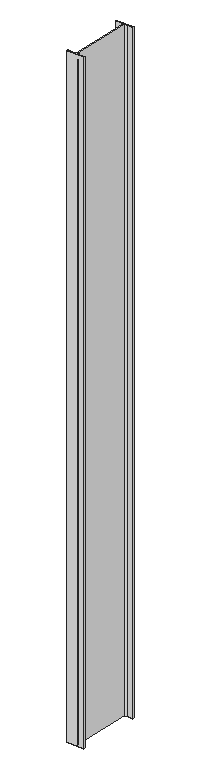
Revit family
Parameters (values of type "M250X13.4")
  Column Material [instance] = Metal - Steel - 345 MPa
  Assembly Code = ""
  A = 0.002 m²
  W = 0.13141
  bf = 68 mm
  d = 250 mm
  k = 11 mm
  kr = k - tf  # 7 mm
  tf = 4 mm
  tw = 5.2 mm
Reference planes
  plane 1: y = 0
  plane 2: z = 0
  plane 3: x = 0
  plane 4: x = -34
  plane 5: x = 34
  plane 6: y = 125
  plane 7: y = -125
  plane 8: x = -3.969
  plane 9: x = 3.969
Forms (mm)
  Extrusion 1, solid, material "Metal - Steel - 345 MPa" <- "Column Material", detail levels medium
    sketch origin (0, 0, 0) x (1, 0, 0) y (0, 1, 0)
      loop
        line (-34, 125) -> (-34, 121) -> (-2.6, 121) -> (-2.6, -121) -> (-34, -121) -> (-34, -125) -> (34, -125) -> (34, -121) -> (2.6, -121) -> (2.6, 121) -> (34, 121) -> (34, 125) -> (-34, 125)
    from 0 to 2500
  Extrusion 2, solid, material "Metal - Steel - 345 MPa" <- "Column Material", detail levels fine
    sketch origin (0, 0, 0) x (1, 0, 0) y (0, 1, 0)
      loop
        line (-34, 125) -> (-34, 121) -> (-9.6, 121)
        arc (-9.6, 121) -> (-4.65, 118.95) -> (-2.6, 114) r 7
        line (-2.6, 114) -> (-2.6, -114)
        arc (-2.6, -114) -> (-4.65, -118.95) -> (-9.6, -121) r 7
        line (-9.6, -121) -> (-34, -121) -> (-34, -125) -> (34, -125) -> (34, -121) -> (9.6, -121)
        arc (9.6, -121) -> (4.65, -118.95) -> (2.6, -114) r 7
        line (2.6, -114) -> (2.6, 114)
        arc (2.6, 114) -> (4.65, 118.95) -> (9.6, 121) r 7
        line (9.6, 121) -> (34, 121) -> (34, 125) -> (-34, 125)
    from 0 to 2500
Lines and regions (mm)
  symbolic lines, style "StructuralColumnStickSymbols", detail levels coarse
    curve 1: line (-34, 125, 0) -> (34, 125, 0)
    curve 2: line (-34, -125, 0) -> (34, -125, 0)
    curve 3: line (0, 125, 0) -> (0, -125, 0)
  symbolic lines, style "Hidden Faces", detail levels medium+fine
    curve 4: line (-3.969, 0, 0) -> (-3.969, 0, 2500)
    curve 5: line (3.969, 0, 2500) -> (3.969, 0, 0)
Dimensions and locks
  equal spacing: plane 4, plane 3, plane 5
  equal spacing: plane 7, plane 1, plane 6
  "d": plane 7 to plane 6
  "bf": plane 4 to plane 5
  "tf": plane 7 to Extrusion 1 sketch curve
  "tf": Extrusion 1 sketch curve to plane 6
  equal spacing: Extrusion 1 sketch curve, plane 3, Extrusion 1 sketch curve
  "tw": Extrusion 1 sketch curve to Extrusion 1 sketch curve
  "kr": radius of Extrusion 2 sketch curve  (x4)
  aligned and locked: plane 6 to Extrusion 1 sketch curve
  aligned and locked: Extrusion 1 sketch curve to plane 7
  aligned and locked: Extrusion 1 sketch curve to plane 4  (x2)
  aligned and locked: plane 5 to Extrusion 1 sketch curve  (x2)
  aligned and locked: Extrusion 1 sketch curve to Extrusion 1 sketch curve  (x2)
  aligned and locked: level to Extrusion 1
  aligned and locked: level to plane 2
  aligned and locked: Extrusion 1 to plane 2
  aligned and locked: plane 6 to Extrusion 2 sketch curve
  aligned and locked: plane 5 to Extrusion 2 sketch curve  (x2)
  aligned and locked: Extrusion 2 sketch curve to plane 4  (x2)
  aligned and locked: Extrusion 2 sketch curve to Extrusion 1  (x6)
  aligned and locked: Extrusion 2 sketch curve to plane 7
  aligned and locked: level to Extrusion 2
  aligned and locked: Extrusion 2 to level
Automatic sketch dimensions
  curve 2 to plane 4 = 0 mm
  curve 1 to plane 4 = 0 mm
  curve 3 to plane 3 = 0 mm
  curve 2 to plane 5 = 0 mm
  curve 1 to plane 5 = 0 mm
  curve 3 to plane 7 = 0 mm
  curve 3 to plane 6 = 0 mm
  curve 4 to level = 0 mm  (x2)
  curve 4 to plane 8 = 0 mm
  curve 5 to level = 0 mm  (x2)
  curve 5 to plane 9 = 0 mm
